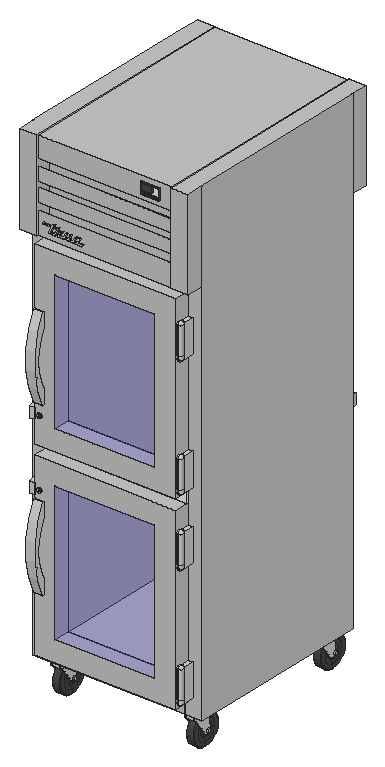
Revit family "QF_TRUE_STG1RPT-2HG-1S-HC", category Specialty Equipment, Revit 2012 (continued)
Automatic sketch dimensions
  Extrusion 6 sketch curve to Extrusion 6 sketch curve = 0.53374"
  Extrusion 6 sketch curve to Extrusion 6 sketch curve = 0.09914"  (x2)
  Extrusion 6 sketch curve to Extrusion 6 sketch curve = 0.15992"
  Extrusion 6 sketch curve to Extrusion 6 sketch curve = 0.46666"
  Extrusion 6 sketch curve to Extrusion 6 sketch curve = 0.00582"
  Extrusion 6 sketch curve to Extrusion 6 sketch curve = 0.08216"
  Extrusion 6 sketch curve to Extrusion 6 sketch curve = 0.16397"
  Extrusion 6 sketch curve to Extrusion 6 sketch curve = 0.12601"
  Extrusion 6 sketch curve to Extrusion 6 sketch curve = 0.1363"
  Extrusion 6 sketch curve to Extrusion 6 sketch curve = 0.02323"
  Extrusion 6 sketch curve to Extrusion 6 sketch curve = 0.03844"
  Extrusion 6 sketch curve to Extrusion 6 sketch curve = 0.0454"
  Extrusion 6 sketch curve to Extrusion 6 sketch curve = 0.05693"
  Extrusion 6 sketch curve to Extrusion 6 sketch curve = 0.0917"
  Extrusion 6 sketch curve to Extrusion 6 sketch curve = 0.01902"
  Extrusion 6 sketch curve to Extrusion 6 sketch curve = 0.02191"
  Extrusion 6 sketch curve to Extrusion 6 sketch curve = 0.0347"
  Extrusion 6 sketch curve to Extrusion 6 sketch curve = 0.06385"
  Extrusion 6 sketch curve to Extrusion 6 sketch curve = 0.02906"
  Extrusion 6 sketch curve to Extrusion 6 sketch curve = 0.02851"
  Extrusion 6 sketch curve to Extrusion 6 sketch curve = 0.29237"
  Extrusion 6 sketch curve to Extrusion 6 sketch curve = 0.00537"
  Extrusion 6 sketch curve to Extrusion 6 sketch curve = 0.0406"
  Extrusion 6 sketch curve to Extrusion 6 sketch curve = 0.04327"
  Extrusion 6 sketch curve to Extrusion 6 sketch curve = 0.02615"
  Extrusion 6 sketch curve to Extrusion 6 sketch curve = 0.11806"
  Extrusion 6 sketch curve to Extrusion 6 sketch curve = 0.15103"
  Extrusion 6 sketch curve to Extrusion 6 sketch curve = 0.10007"
  Extrusion 6 sketch curve to Extrusion 6 sketch curve = 0.5254"
  Extrusion 6 sketch curve to Extrusion 6 sketch curve = 0.14787"
  Extrusion 6 sketch curve to plane 5 "TOP" = 13.64562"
  Extrusion 6 sketch curve to Extrusion 6 sketch curve = 0.07275"
  Extrusion 6 sketch curve to Extrusion 6 sketch curve = 0.05776"
  Extrusion 6 sketch curve to Extrusion 6 sketch curve = 0.08631"
  Extrusion 6 sketch curve to Extrusion 6 sketch curve = 0.09282"
  Extrusion 6 sketch curve to Extrusion 6 sketch curve = 0.13018"
  Extrusion 6 sketch curve to Extrusion 6 sketch curve = 0.16714"
  Extrusion 6 sketch curve to Extrusion 6 sketch curve = 0.11061"
  Extrusion 6 sketch curve to Extrusion 6 sketch curve = 0.06046"
  Extrusion 6 sketch curve to Extrusion 6 sketch curve = 0.16548"
  Extrusion 6 sketch curve to Extrusion 6 sketch curve = 0.14279"
  Extrusion 6 sketch curve to Extrusion 6 sketch curve = 0.0496"
  Extrusion 6 sketch curve to Extrusion 6 sketch curve = 0.07293"
  Extrusion 6 sketch curve to Extrusion 6 sketch curve = 0.07764"
  Extrusion 6 sketch curve to Extrusion 6 sketch curve = 0.03794"
  Extrusion 6 sketch curve to Extrusion 6 sketch curve = 0.08552"
  Extrusion 6 sketch curve to Extrusion 6 sketch curve = 0.09296"
  Extrusion 6 sketch curve to Extrusion 6 sketch curve = 0.09314"
  Extrusion 6 sketch curve to Extrusion 6 sketch curve = 0.02781"
  Extrusion 6 sketch curve to Extrusion 6 sketch curve = 0.04981"
  Extrusion 6 sketch curve to Extrusion 6 sketch curve = 0.09315"
  Extrusion 6 sketch curve to Extrusion 6 sketch curve = 0.04799"
  Extrusion 6 sketch curve to Extrusion 6 sketch curve = 0.02531"
  Extrusion 6 sketch curve to Extrusion 6 sketch curve = 0.03054"
  Extrusion 6 sketch curve to Extrusion 6 sketch curve = 0.2589"
  Extrusion 6 sketch curve to Extrusion 6 sketch curve = 0.0674"
  Extrusion 6 sketch curve to Extrusion 6 sketch curve = 0.0324"
  Extrusion 6 sketch curve to Extrusion 6 sketch curve = 0.26185"
  Extrusion 6 sketch curve to Extrusion 6 sketch curve = 11/256"
  Extrusion 6 sketch curve to Extrusion 6 sketch curve = 0.07366"
  Extrusion 6 sketch curve to Extrusion 6 sketch curve = 0.02187"
  Extrusion 6 sketch curve to Extrusion 6 sketch curve = 0.06479"
  Extrusion 6 sketch curve to Extrusion 6 sketch curve = 0.01183"
  Extrusion 6 sketch curve to Extrusion 6 sketch curve = 0.05778"
  Extrusion 6 sketch curve to Extrusion 6 sketch curve = 0.53375"
  Extrusion 6 sketch curve to Extrusion 6 sketch curve = 0.23098"
  Extrusion 6 sketch curve to Extrusion 6 sketch curve = 0"
  Extrusion 6 sketch curve to Extrusion 6 sketch curve = 0.05045"
  Extrusion 6 sketch curve to Extrusion 6 sketch curve = 0.09139"
  Extrusion 6 sketch curve to Extrusion 6 sketch curve = 29/128"  (x3)
  Extrusion 7 sketch curve to plane 3 "RIGHT" = 3 1/4"
  Extrusion 7 sketch curve to plane 5 "TOP" = 2 1/8"
  Revolve 8 sketch curve to plane 3 "RIGHT" = 4.35148"
  Revolve 8 sketch curve to Revolve 8 sketch curve = 0.48273"
  Revolve 8 sketch curve to Revolve 8 sketch curve = 0.4"
  Revolve 8 sketch curve to Revolve 8 sketch curve = 0"  (x2)
  Revolve 8 sketch curve to Revolve 8 sketch curve = 0.1"  (x2)
  Revolve 8 sketch curve to Revolve 8 sketch curve = 0.16101"
  Revolve 8 sketch curve to Revolve 8 sketch curve = 0.75408"
  Revolve 8 sketch curve to Revolve 8 sketch curve = 0.92798"
  Revolve 8 sketch curve to Revolve 8 sketch curve = 0.06101"
  Revolve 8 sketch curve to Revolve 8 sketch curve = 1/2"
  Revolve 8 sketch curve to Revolve 8 sketch curve = 0.16509"
  Revolve 8 sketch curve to Revolve 8 sketch curve = 0.39592"
  level to Revolve 8 sketch curve = 2 1/2"
  Revolve 8 sketch curve to Revolve 8 sketch curve = 0.29941"  (x2)
  Revolve 8 sketch curve to Revolve 8 sketch curve = 3/4"  (x4)
  Revolve 8 sketch curve to Revolve 8 sketch curve = 0.59652"
  Revolve 8 sketch curve to Revolve 8 sketch curve = 0.60059"
  Extrusion 9 sketch curve to plane 6 = 0.63926"  (x2)
  Extrusion 9 sketch curve to plane 4 "FRONT" = 3.79864"
  Extrusion 9 sketch curve to Extrusion 9 sketch curve = 1/4"  (x2)
  level to Extrusion 9 sketch curve = 2.18736"  (x2)
  Extrusion 9 sketch curve to Extrusion 9 sketch curve = 1.7492"  (x2)
  Extrusion 9 sketch curve to Extrusion 9 sketch curve = 0.50669"  (x2)
  Extrusion 9 sketch curve to Extrusion 9 sketch curve = 2 1/2"  (x2)
  level to Extrusion 9 sketch curve = 2.59003"  (x2)
  Extrusion 9 sketch curve to Extrusion 9 sketch curve = 0.59966"  (x2)
  plane 8 to Extrusion 9 sketch curve = 6.82645"
  Extrusion 9 sketch curve to Extrusion 9 sketch curve = 0.60485"  (x2)
  Extrusion 10 sketch curve to plane 6 = 0.63926"  (x2)
  Extrusion 10 sketch curve to plane 4 "FRONT" = 3.79864"
  Extrusion 10 sketch curve to Extrusion 10 sketch curve = 1/4"  (x2)
  level to Extrusion 10 sketch curve = 2.18736"  (x2)
  Extrusion 10 sketch curve to Extrusion 10 sketch curve = 1.7492"  (x2)
  Extrusion 10 sketch curve to Extrusion 10 sketch curve = 0.50669"  (x2)
  Extrusion 10 sketch curve to Extrusion 10 sketch curve = 2 1/2"  (x2)
  level to Extrusion 10 sketch curve = 2.59003"  (x2)
  Extrusion 10 sketch curve to Extrusion 10 sketch curve = 0.59966"  (x2)
  plane 8 to Extrusion 10 sketch curve = 6.82645"
  Extrusion 10 sketch curve to Extrusion 10 sketch curve = 0.60485"  (x2)
  Revolve 11 sketch curve to plane 6 = 0.62954"
  Revolve 11 sketch curve to plane 3 "RIGHT" = 4.14082"
  Revolve 11 sketch curve to Revolve 11 sketch curve = 1.29707"
  Revolve 11 sketch curve to Revolve 11 sketch curve = 0"
  Revolve 11 sketch curve to Revolve 11 sketch curve = 0.10278"
  Revolve 11 sketch curve to plane 6 = 0.00141"
  plane 6 to Revolve 11 sketch curve = 0.26768"
  Revolve 12 sketch curve to level = 0"
  Revolve 12 sketch curve to plane 6 = 0"
  Revolve 12 sketch curve to plane 3 "RIGHT" = 4.17713"
  level to Revolve 12 sketch curve = 1"
  Revolve 12 sketch curve to plane 3 "RIGHT" = 3 19/32"
  Revolve 12 sketch curve to Revolve 12 sketch curve = 1/4"
  Revolve 12 sketch curve to Revolve 12 sketch curve = 1/2"
  Revolve 12 sketch curve to Revolve 12 sketch curve = 0"
  Revolve 12 sketch curve to Revolve 12 sketch curve = 5/8"
  plane 6 to Revolve 12 sketch curve = 1 25/32"
  Revolve 13 sketch curve to level = 0"
  Revolve 13 sketch curve to plane 6 = 0"
  Revolve 13 sketch curve to plane 3 "RIGHT" = 4.17713"
  level to Revolve 13 sketch curve = 1"
  Revolve 13 sketch curve to plane 3 "RIGHT" = 3 19/32"
  Revolve 13 sketch curve to Revolve 13 sketch curve = 1/4"
  Revolve 13 sketch curve to Revolve 13 sketch curve = 1/2"
  Revolve 13 sketch curve to Revolve 13 sketch curve = 0"
  Revolve 13 sketch curve to Revolve 13 sketch curve = 5/8"
  plane 6 to Revolve 13 sketch curve = 1 25/32"
  Revolve 14 sketch curve to plane 6 = 0.62954"
  Revolve 14 sketch curve to plane 3 "RIGHT" = 4.14082"
  Revolve 14 sketch curve to Revolve 14 sketch curve = 1.29707"
  Revolve 14 sketch curve to Revolve 14 sketch curve = 0"
  Revolve 14 sketch curve to Revolve 14 sketch curve = 0.10278"
  Revolve 14 sketch curve to plane 6 = 0.00141"
  plane 6 to Revolve 14 sketch curve = 0.26768"
  Extrusion 15 sketch curve to plane 6 = 0.63926"  (x2)
  Extrusion 15 sketch curve to plane 4 "FRONT" = 3.79864"
  Extrusion 15 sketch curve to Extrusion 15 sketch curve = 1/4"  (x2)
  Extrusion 15 sketch curve to Extrusion 15 sketch curve = 2 1/2"  (x2)
  Extrusion 15 sketch curve to plane 6 = 0.93273"  (x2)
  Extrusion 15 sketch curve to Extrusion 15 sketch curve = 0.03603"
  plane 8 to Extrusion 15 sketch curve = 6.82645"
  Extrusion 15 sketch curve to plane 6 = 1.24411"
  plane 2 "LEFT" to Revolve 16 sketch curve = 1.33602"
  Revolve 16 sketch curve to Revolve 16 sketch curve = 0.48273"
  Revolve 16 sketch curve to Revolve 16 sketch curve = 0.4"
  Revolve 16 sketch curve to Revolve 16 sketch curve = 0"  (x2)
  Revolve 16 sketch curve to Revolve 16 sketch curve = 0.1"  (x2)
  Revolve 16 sketch curve to Revolve 16 sketch curve = 0.16101"
  Revolve 16 sketch curve to Revolve 16 sketch curve = 0.75408"
  Revolve 16 sketch curve to Revolve 16 sketch curve = 0.92798"
  Revolve 16 sketch curve to Revolve 16 sketch curve = 0.06101"
  Revolve 16 sketch curve to Revolve 16 sketch curve = 1/2"
  Revolve 16 sketch curve to Revolve 16 sketch curve = 0.16509"
  Revolve 16 sketch curve to Revolve 16 sketch curve = 0.39592"
  level to Revolve 16 sketch curve = 2 1/2"
  Revolve 16 sketch curve to Revolve 16 sketch curve = 0.29941"  (x2)
  Revolve 16 sketch curve to Revolve 16 sketch curve = 3/4"  (x4)
  Revolve 16 sketch curve to Revolve 16 sketch curve = 0.59652"
  Revolve 16 sketch curve to Revolve 16 sketch curve = 0.60059"
  Extrusion 17 sketch curve to plane 6 = 0.63926"  (x2)
  Extrusion 17 sketch curve to plane 4 "FRONT" = 3.79864"
  Extrusion 17 sketch curve to Extrusion 17 sketch curve = 1/4"  (x2)
  level to Extrusion 17 sketch curve = 2.18736"  (x2)
  Extrusion 17 sketch curve to Extrusion 17 sketch curve = 1.7492"  (x2)
  Extrusion 17 sketch curve to Extrusion 17 sketch curve = 0.50669"  (x2)
  Extrusion 17 sketch curve to Extrusion 17 sketch curve = 2 1/2"  (x2)
  level to Extrusion 17 sketch curve = 2.59003"  (x2)
  Extrusion 17 sketch curve to Extrusion 17 sketch curve = 0.59966"  (x2)
  plane 8 to Extrusion 17 sketch curve = 6.82645"
  Extrusion 17 sketch curve to Extrusion 17 sketch curve = 0.60485"  (x2)
  Extrusion 18 sketch curve to plane 6 = 0.63926"  (x2)
  Extrusion 18 sketch curve to plane 4 "FRONT" = 3.79864"
  Extrusion 18 sketch curve to Extrusion 18 sketch curve = 1/4"  (x2)
  level to Extrusion 18 sketch curve = 2.18736"  (x2)
  Extrusion 18 sketch curve to Extrusion 18 sketch curve = 1.7492"  (x2)
  Extrusion 18 sketch curve to Extrusion 18 sketch curve = 0.50669"  (x2)
  Extrusion 18 sketch curve to Extrusion 18 sketch curve = 2 1/2"  (x2)
  level to Extrusion 18 sketch curve = 2.59003"  (x2)
  Extrusion 18 sketch curve to Extrusion 18 sketch curve = 0.59966"  (x2)
  plane 8 to Extrusion 18 sketch curve = 6.82645"
  Extrusion 18 sketch curve to Extrusion 18 sketch curve = 0.60485"  (x2)
  Revolve 19 sketch curve to plane 6 = 0.62954"
  plane 2 "LEFT" to Revolve 19 sketch curve = 1.54668"
  Revolve 19 sketch curve to Revolve 19 sketch curve = 1.29707"
  Revolve 19 sketch curve to Revolve 19 sketch curve = 0"
  Revolve 19 sketch curve to Revolve 19 sketch curve = 0.10278"
  Revolve 19 sketch curve to plane 6 = 0.00141"
  plane 6 to Revolve 19 sketch curve = 0.26768"
  Revolve 20 sketch curve to level = 0"
  Revolve 20 sketch curve to plane 6 = 0"
  plane 2 "LEFT" to Revolve 20 sketch curve = 1.51037"
  level to Revolve 20 sketch curve = 1"
  plane 2 "LEFT" to Revolve 20 sketch curve = 2 3/32"
  Revolve 20 sketch curve to Revolve 20 sketch curve = 1/4"
  Revolve 20 sketch curve to Revolve 20 sketch curve = 1/2"
  Revolve 20 sketch curve to Revolve 20 sketch curve = 0"
  Revolve 20 sketch curve to Revolve 20 sketch curve = 5/8"
  plane 6 to Revolve 20 sketch curve = 1 25/32"
  Revolve 21 sketch curve to level = 0"
  Revolve 21 sketch curve to plane 6 = 0"
  plane 2 "LEFT" to Revolve 21 sketch curve = 1.51037"
  level to Revolve 21 sketch curve = 1"
  plane 2 "LEFT" to Revolve 21 sketch curve = 2 3/32"
  Revolve 21 sketch curve to Revolve 21 sketch curve = 1/4"
  Revolve 21 sketch curve to Revolve 21 sketch curve = 1/2"
  Revolve 21 sketch curve to Revolve 21 sketch curve = 0"
  Revolve 21 sketch curve to Revolve 21 sketch curve = 5/8"
  plane 6 to Revolve 21 sketch curve = 1 25/32"
  Revolve 22 sketch curve to plane 6 = 0.62954"
  plane 2 "LEFT" to Revolve 22 sketch curve = 1.54668"
  Revolve 22 sketch curve to Revolve 22 sketch curve = 1.29707"
  Revolve 22 sketch curve to Revolve 22 sketch curve = 0"
  Revolve 22 sketch curve to Revolve 22 sketch curve = 0.10278"
  Revolve 22 sketch curve to plane 6 = 0.00141"
  plane 6 to Revolve 22 sketch curve = 0.26768"
  Extrusion 23 sketch curve to plane 6 = 0.63926"  (x2)
  Extrusion 23 sketch curve to plane 4 "FRONT" = 3.79864"
  Extrusion 23 sketch curve to Extrusion 23 sketch curve = 1/4"  (x2)
  Extrusion 23 sketch curve to Extrusion 23 sketch curve = 2 1/2"  (x2)
  Extrusion 23 sketch curve to plane 6 = 0.93273"  (x2)
  Extrusion 23 sketch curve to Extrusion 23 sketch curve = 0.03603"
  plane 8 to Extrusion 23 sketch curve = 6.82645"
  Extrusion 23 sketch curve to plane 6 = 1.24411"
  plane 2 "LEFT" to Extrusion 24 sketch curve = 2 9/32"
  Extrusion 24 sketch curve to plane 3 "RIGHT" = 2 9/32"
  Extrusion 24 sketch curve to plane 5 "TOP" = 16 5/32"
  plane 6 to Extrusion 24 sketch curve = 1 29/32"
  plane 8 to Extrusion 25 sketch curve = 0"
  Extrusion 25 sketch curve to plane 3 "RIGHT" = 2 55/64"
  Extrusion 25 sketch curve to plane 3 "RIGHT" = 3/64"
  Extrusion 25 sketch curve to Extrusion 25 sketch curve = 2 3/4"
  plane 8 to Extrusion 26 sketch curve = 0"
  plane 2 "LEFT" to Extrusion 26 sketch curve = 3/64"
  Extrusion 26 sketch curve to Extrusion 26 sketch curve = 2 13/16"
  Extrusion 26 sketch curve to Extrusion 26 sketch curve = 3.0792"
  plane 8 to Extrusion 27 sketch curve = 0.60979"
  Extrusion 27 sketch curve to Extrusion 27 sketch curve = 0.43503"
  Extrusion 27 sketch curve to Extrusion 27 sketch curve = 0.20453"
  Extrusion 27 sketch curve to Extrusion 27 sketch curve = 1.50065"
  Extrusion 27 sketch curve to plane 5 "TOP" = 19.57271"
  Extrusion 27 sketch curve to Extrusion 27 sketch curve = 4.39928"
  Extrusion 27 sketch curve to Extrusion 27 sketch curve = 0.71221"
  plane 8 to Revolve 28 sketch curve = 3/16"  (x2)
  Revolve 28 sketch curve to Revolve 28 sketch curve = 0.38242"
  Revolve 28 sketch curve to Revolve 28 sketch curve = 0.38436"
  plane 8 to Revolve 28 sketch curve = 0.59416"
  Revolve 28 sketch curve to Revolve 28 sketch curve = 0.40666"
  Revolve 28 sketch curve to Revolve 28 sketch curve = 0"
  Revolve 28 sketch curve to plane 5 "TOP" = 18.75492"
  Revolve 28 sketch curve to Revolve 28 sketch curve = 0.55526"
  Revolve 28 sketch curve to Revolve 28 sketch curve = 0.19474"
  Revolve 28 sketch curve to Revolve 28 sketch curve = 0.14649"
  Revolve 28 sketch curve to Revolve 28 sketch curve = 4.42889"
  Revolve 28 sketch curve to Revolve 28 sketch curve = 0.05342"
  Revolve 28 sketch curve to Revolve 28 sketch curve = 0.51246"
  Revolve 28 sketch curve to Revolve 28 sketch curve = 0.05889"
  plane 2 "LEFT" to Extrusion 29 sketch curve = 1.88366"
  Extrusion 29 sketch curve to Extrusion 29 sketch curve = 0.39759"
  Extrusion 29 sketch curve to plane 5 "TOP" = 19.6514"
  Extrusion 29 sketch curve to Extrusion 29 sketch curve = 4.47281"
  plane 8 to Extrusion 30 sketch curve = 0.60979"
  Extrusion 30 sketch curve to Extrusion 30 sketch curve = 0.43503"
  Extrusion 30 sketch curve to Extrusion 30 sketch curve = 0.20453"
  Extrusion 30 sketch curve to Extrusion 30 sketch curve = 1.50065"
  plane 6 to Extrusion 30 sketch curve = 38.92729"
  Extrusion 30 sketch curve to Extrusion 30 sketch curve = 4.39928"
  Extrusion 30 sketch curve to Extrusion 30 sketch curve = 0.71221"
  plane 8 to Revolve 31 sketch curve = 3/16"  (x2)
  Revolve 31 sketch curve to Revolve 31 sketch curve = 0.38242"
  Revolve 31 sketch curve to Revolve 31 sketch curve = 0.38436"
  plane 8 to Revolve 31 sketch curve = 0.59416"
  Revolve 31 sketch curve to Revolve 31 sketch curve = 0.40666"
  Revolve 31 sketch curve to Revolve 31 sketch curve = 0"
  Revolve 31 sketch curve to plane 5 "TOP" = 38.25492"
  Revolve 31 sketch curve to Revolve 31 sketch curve = 0.55526"
  Revolve 31 sketch curve to Revolve 31 sketch curve = 0.19474"
  Revolve 31 sketch curve to Revolve 31 sketch curve = 0.14649"
  Revolve 31 sketch curve to Revolve 31 sketch curve = 4.42889"
  Revolve 31 sketch curve to Revolve 31 sketch curve = 0.05342"
  Revolve 31 sketch curve to Revolve 31 sketch curve = 0.51246"
  Revolve 31 sketch curve to Revolve 31 sketch curve = 0.05889"
  plane 2 "LEFT" to Extrusion 32 sketch curve = 1.88366"
  Extrusion 32 sketch curve to Extrusion 32 sketch curve = 0.39759"
  plane 6 to Extrusion 32 sketch curve = 38.8486"
  Extrusion 32 sketch curve to Extrusion 32 sketch curve = 4.4717"
  plane 8 to Extrusion 33 sketch curve = 0.60979"
  Extrusion 33 sketch curve to Extrusion 33 sketch curve = 0.43503"
  Extrusion 33 sketch curve to Extrusion 33 sketch curve = 0.20453"
  Extrusion 33 sketch curve to Extrusion 33 sketch curve = 1.50065"
  plane 6 to Extrusion 33 sketch curve = 27.92729"
  Extrusion 33 sketch curve to Extrusion 33 sketch curve = 4.39928"
  Extrusion 33 sketch curve to Extrusion 33 sketch curve = 0.71221"
  plane 8 to Revolve 34 sketch curve = 3/16"  (x2)
  Revolve 34 sketch curve to Revolve 34 sketch curve = 0.38242"
  Revolve 34 sketch curve to Revolve 34 sketch curve = 0.38436"
  plane 8 to Revolve 34 sketch curve = 0.59416"
  Revolve 34 sketch curve to Revolve 34 sketch curve = 0.40666"
  Revolve 34 sketch curve to Revolve 34 sketch curve = 0"
  plane 6 to Revolve 34 sketch curve = 28.74508"
  Revolve 34 sketch curve to Revolve 34 sketch curve = 0.55526"
  Revolve 34 sketch curve to Revolve 34 sketch curve = 0.19474"
  Revolve 34 sketch curve to Revolve 34 sketch curve = 0.14649"
  Revolve 34 sketch curve to Revolve 34 sketch curve = 4.42889"
  Revolve 34 sketch curve to Revolve 34 sketch curve = 0.05342"
  Revolve 34 sketch curve to Revolve 34 sketch curve = 0.51246"
  Revolve 34 sketch curve to Revolve 34 sketch curve = 0.05889"
  plane 2 "LEFT" to Extrusion 35 sketch curve = 1.88366"
  Extrusion 35 sketch curve to Extrusion 35 sketch curve = 0.39759"
  plane 6 to Extrusion 35 sketch curve = 27.8486"
  Extrusion 35 sketch curve to Extrusion 35 sketch curve = 4.47281"
  plane 8 to Extrusion 36 sketch curve = 0.60979"
  Extrusion 36 sketch curve to Extrusion 36 sketch curve = 0.43503"
  Extrusion 36 sketch curve to Extrusion 36 sketch curve = 0.20453"
  Extrusion 36 sketch curve to Extrusion 36 sketch curve = 1.50065"
  plane 6 to Extrusion 36 sketch curve = 8.17729"
  plane 6 to Extrusion 36 sketch curve = 3.57348"
  Extrusion 36 sketch curve to Extrusion 36 sketch curve = 0.75105"
  plane 8 to Revolve 37 sketch curve = 3/16"  (x2)
  Revolve 37 sketch curve to Revolve 37 sketch curve = 0.38242"
  Revolve 37 sketch curve to Revolve 37 sketch curve = 0.38436"
  plane 8 to Revolve 37 sketch curve = 0.59416"
  Revolve 37 sketch curve to Revolve 37 sketch curve = 0.40666"
  Revolve 37 sketch curve to Revolve 37 sketch curve = 0"
  plane 6 to Revolve 37 sketch curve = 8.99508"
  Revolve 37 sketch curve to Revolve 37 sketch curve = 0.55526"
  Revolve 37 sketch curve to Revolve 37 sketch curve = 0.19474"
  Revolve 37 sketch curve to Revolve 37 sketch curve = 0.14649"
  plane 6 to Revolve 37 sketch curve = 3.62689"
  Revolve 37 sketch curve to Revolve 37 sketch curve = 0.05342"
  Revolve 37 sketch curve to Revolve 37 sketch curve = 0.51246"
  Revolve 37 sketch curve to Revolve 37 sketch curve = 0.05889"
  plane 2 "LEFT" to Extrusion 38 sketch curve = 1.88366"
  Extrusion 38 sketch curve to Extrusion 38 sketch curve = 0.39759"
  plane 6 to Extrusion 38 sketch curve = 8.0986"
  plane 6 to Extrusion 38 sketch curve = 3.62579"
  Extrusion 39 sketch curve to plane 3 "RIGHT" = 3.0734"
  Extrusion 39 sketch curve to Extrusion 39 sketch curve = 0.02035"
  Extrusion 39 sketch curve to Extrusion 39 sketch curve = 0.0555"
  plane 6 to Extrusion 39 sketch curve = 31.58145"
  Extrusion 39 sketch curve to Extrusion 39 sketch curve = 0.29355"
  Extrusion 39 sketch curve to Extrusion 39 sketch curve = 0.27385"
  Blend 40 sketch curve to plane 3 "RIGHT" = 2 9/32"  (x2)
  Blend 40 sketch curve to Blend 40 sketch curve = 3/4"
  plane 6 to Blend 40 sketch curve = 32.80419"
  Blend 40 sketch curve to Blend 40 sketch curve = 1 3/4"
  Blend 40 sketch curve to Blend 40 sketch curve = 0.93223"
  plane 6 to Blend 40 sketch curve = 33.23893"
  Blend 40 sketch curve to Blend 40 sketch curve = 2.78233"
  plane 2 "LEFT" to Extrusion 41 sketch curve = 2 9/32"  (x2)
  Extrusion 41 sketch curve to Extrusion 41 sketch curve = 3 11/32"  (x6)
  Extrusion 41 sketch curve to plane 3 "RIGHT" = 5 5/8"  (x2)
  Extrusion 41 sketch curve to plane 3 "RIGHT" = 2 9/32"  (x2)
  plane 6 to Extrusion 41 sketch curve = 1 29/32"
  Extrusion 41 sketch curve to Extrusion 41 sketch curve = 22 7/16"
  Extrusion 41 sketch curve to Extrusion 41 sketch curve = 1 11/16"
  Extrusion 41 sketch curve to plane 5 "TOP" = 19 1/2"
  plane 4 "FRONT" to Extrusion 42 sketch curve = 0.0247"  (x2)
  Extrusion 42 sketch curve to plane 4 "FRONT" = 3/16"  (x2)
  Extrusion 42 sketch curve to plane 4 "FRONT" = 6.88686"
  Extrusion 42 sketch curve to Extrusion 42 sketch curve = 6.44313"
  plane 6 to Extrusion 42 sketch curve = 38 15/16"
  Extrusion 42 sketch curve to Extrusion 42 sketch curve = 2.37851"
  Extrusion 42 sketch curve to Extrusion 42 sketch curve = 4.42149"
  Extrusion 42 sketch curve to Extrusion 42 sketch curve = 0"
  plane 2 "LEFT" to Extrusion 43 sketch curve = 3.0734"
  Extrusion 43 sketch curve to Extrusion 43 sketch curve = 0.02035"
  Extrusion 43 sketch curve to Extrusion 43 sketch curve = 0.0555"
  plane 6 to Extrusion 43 sketch curve = 36.8002"
  Extrusion 43 sketch curve to Extrusion 43 sketch curve = 0.29355"
  Extrusion 43 sketch curve to Extrusion 43 sketch curve = 0.27385"
  plane 2 "LEFT" to Blend 44 sketch curve = 2 9/32"
  Blend 44 sketch curve to Blend 44 sketch curve = 3/4"
  plane 6 to Blend 44 sketch curve = 38.02294"
  Blend 44 sketch curve to Blend 44 sketch curve = 1 3/4"
  Blend 44 sketch curve to plane 2 "LEFT" = 2 9/32"
  Blend 44 sketch curve to Blend 44 sketch curve = 0.93223"
  Blend 44 sketch curve to plane 6 = 35.67535"
  Blend 44 sketch curve to Blend 44 sketch curve = 2.78233"
  Extrusion 45 sketch curve to plane 4 "FRONT" = 0.60979"
  Extrusion 45 sketch curve to Extrusion 45 sketch curve = 0.43503"
  Extrusion 45 sketch curve to Extrusion 45 sketch curve = 0.20453"
  Extrusion 45 sketch curve to Extrusion 45 sketch curve = 1.50065"
  Extrusion 45 sketch curve to plane 5 "TOP" = 19.66646"
  Extrusion 45 sketch curve to Extrusion 45 sketch curve = 4.39928"
  Extrusion 45 sketch curve to Extrusion 45 sketch curve = 0.71221"
  Revolve 46 sketch curve to plane 4 "FRONT" = 3/16"  (x2)
  Revolve 46 sketch curve to Revolve 46 sketch curve = 0.38242"
  Revolve 46 sketch curve to Revolve 46 sketch curve = 0.38436"
  Revolve 46 sketch curve to plane 4 "FRONT" = 0.59416"
  Revolve 46 sketch curve to Revolve 46 sketch curve = 0.40666"
  Revolve 46 sketch curve to Revolve 46 sketch curve = 0"
  Revolve 46 sketch curve to plane 5 "TOP" = 18.84867"
  Revolve 46 sketch curve to Revolve 46 sketch curve = 0.55526"
  Revolve 46 sketch curve to Revolve 46 sketch curve = 0.19474"
  Revolve 46 sketch curve to Revolve 46 sketch curve = 0.14649"
  Revolve 46 sketch curve to Revolve 46 sketch curve = 4.42889"
  Revolve 46 sketch curve to Revolve 46 sketch curve = 0.05342"
  Revolve 46 sketch curve to Revolve 46 sketch curve = 0.51246"
  Revolve 46 sketch curve to Revolve 46 sketch curve = 0.05889"
  Extrusion 47 sketch curve to plane 3 "RIGHT" = 1.88366"
  Extrusion 47 sketch curve to Extrusion 47 sketch curve = 0.39759"
  Extrusion 47 sketch curve to plane 5 "TOP" = 19.74515"
  Extrusion 47 sketch curve to Extrusion 47 sketch curve = 4.47281"
  Extrusion 48 sketch curve to plane 4 "FRONT" = 0.60979"
  Extrusion 48 sketch curve to Extrusion 48 sketch curve = 0.43503"
  Extrusion 48 sketch curve to Extrusion 48 sketch curve = 0.20453"
  Extrusion 48 sketch curve to Extrusion 48 sketch curve = 1.50065"
  plane 6 to Extrusion 48 sketch curve = 38.83354"
  Extrusion 48 sketch curve to Extrusion 48 sketch curve = 4.39928"
  Extrusion 48 sketch curve to Extrusion 48 sketch curve = 0.71221"
  Revolve 49 sketch curve to plane 4 "FRONT" = 3/16"  (x2)
  Revolve 49 sketch curve to Revolve 49 sketch curve = 0.38242"
  Revolve 49 sketch curve to Revolve 49 sketch curve = 0.38436"
  Revolve 49 sketch curve to plane 4 "FRONT" = 0.59416"
  Revolve 49 sketch curve to Revolve 49 sketch curve = 0.40666"
  Revolve 49 sketch curve to Revolve 49 sketch curve = 0"
  Revolve 49 sketch curve to plane 5 "TOP" = 38.34867"
  Revolve 49 sketch curve to Revolve 49 sketch curve = 0.55526"
  Revolve 49 sketch curve to Revolve 49 sketch curve = 0.19474"
  Revolve 49 sketch curve to Revolve 49 sketch curve = 0.14649"
  Revolve 49 sketch curve to Revolve 49 sketch curve = 4.42889"
  Revolve 49 sketch curve to Revolve 49 sketch curve = 0.05342"
  Revolve 49 sketch curve to Revolve 49 sketch curve = 0.51246"
  Revolve 49 sketch curve to Revolve 49 sketch curve = 0.05889"
  Extrusion 50 sketch curve to plane 3 "RIGHT" = 1.88366"
  Extrusion 50 sketch curve to Extrusion 50 sketch curve = 0.39759"
  plane 6 to Extrusion 50 sketch curve = 38.75485"
  Extrusion 50 sketch curve to Extrusion 50 sketch curve = 4.47281"
  Extrusion 51 sketch curve to plane 4 "FRONT" = 0.60979"
  Extrusion 51 sketch curve to Extrusion 51 sketch curve = 0.43503"
  Extrusion 51 sketch curve to Extrusion 51 sketch curve = 0.20453"
  Extrusion 51 sketch curve to Extrusion 51 sketch curve = 1.50065"
  plane 6 to Extrusion 51 sketch curve = 27.83354"
  Extrusion 51 sketch curve to Extrusion 51 sketch curve = 4.39928"
  Extrusion 51 sketch curve to Extrusion 51 sketch curve = 0.71221"
  Revolve 52 sketch curve to plane 4 "FRONT" = 3/16"  (x2)
  Revolve 52 sketch curve to Revolve 52 sketch curve = 0.38242"
  Revolve 52 sketch curve to Revolve 52 sketch curve = 0.38436"
  Revolve 52 sketch curve to plane 4 "FRONT" = 0.59416"
  Revolve 52 sketch curve to Revolve 52 sketch curve = 0.40666"
  Revolve 52 sketch curve to Revolve 52 sketch curve = 0"
  plane 6 to Revolve 52 sketch curve = 28.65133"
  Revolve 52 sketch curve to Revolve 52 sketch curve = 0.55526"
  Revolve 52 sketch curve to Revolve 52 sketch curve = 0.19474"
  Revolve 52 sketch curve to Revolve 52 sketch curve = 0.14649"
  Revolve 52 sketch curve to Revolve 52 sketch curve = 4.42889"
  Revolve 52 sketch curve to Revolve 52 sketch curve = 0.05342"
  Revolve 52 sketch curve to Revolve 52 sketch curve = 0.51246"
  Revolve 52 sketch curve to Revolve 52 sketch curve = 0.05889"
  Extrusion 53 sketch curve to plane 3 "RIGHT" = 1.88366"
  Extrusion 53 sketch curve to Extrusion 53 sketch curve = 0.39759"
  plane 6 to Extrusion 53 sketch curve = 27.75485"
  Extrusion 53 sketch curve to Extrusion 53 sketch curve = 4.47281"
  Extrusion 54 sketch curve to plane 4 "FRONT" = 0.60979"
  Extrusion 54 sketch curve to Extrusion 54 sketch curve = 0.43503"
  Extrusion 54 sketch curve to Extrusion 54 sketch curve = 0.20453"
  Extrusion 54 sketch curve to Extrusion 54 sketch curve = 1.50065"
  plane 6 to Extrusion 54 sketch curve = 8.08354"
  plane 6 to Extrusion 54 sketch curve = 3.47973"
  Extrusion 54 sketch curve to Extrusion 54 sketch curve = 0.6573"
  Revolve 55 sketch curve to plane 4 "FRONT" = 3/16"  (x2)
  Revolve 55 sketch curve to Revolve 55 sketch curve = 0.38242"
  Revolve 55 sketch curve to Revolve 55 sketch curve = 0.38436"
  Revolve 55 sketch curve to plane 4 "FRONT" = 0.59416"
  Revolve 55 sketch curve to Revolve 55 sketch curve = 0.40666"
  Revolve 55 sketch curve to Revolve 55 sketch curve = 0"
  plane 6 to Revolve 55 sketch curve = 8.90133"
  Revolve 55 sketch curve to Revolve 55 sketch curve = 0.55526"
  Revolve 55 sketch curve to Revolve 55 sketch curve = 0.19474"
  Revolve 55 sketch curve to Revolve 55 sketch curve = 0.14649"
  plane 6 to Revolve 55 sketch curve = 3.53314"
  Revolve 55 sketch curve to Revolve 55 sketch curve = 0.05342"
  Revolve 55 sketch curve to Revolve 55 sketch curve = 0.51246"
  Revolve 55 sketch curve to Revolve 55 sketch curve = 0.05889"
  Extrusion 56 sketch curve to plane 3 "RIGHT" = 1.88366"
  Extrusion 56 sketch curve to Extrusion 56 sketch curve = 0.39759"
  plane 6 to Extrusion 56 sketch curve = 8.00485"
  plane 6 to Extrusion 56 sketch curve = 3.53204"
  plane 2 "LEFT" to Extrusion 57 sketch curve = 3.04215"
  Extrusion 57 sketch curve to Extrusion 57 sketch curve = 0.02035"
  Extrusion 57 sketch curve to Extrusion 57 sketch curve = 0.0555"
  plane 6 to Extrusion 57 sketch curve = 25.91365"
  Extrusion 57 sketch curve to Extrusion 57 sketch curve = 0.27385"
  Extrusion 57 sketch curve to Extrusion 57 sketch curve = 0.29355"
  plane 2 "LEFT" to Blend 58 sketch curve = 2 9/32"  (x2)
  Blend 58 sketch curve to Blend 58 sketch curve = 3/4"
  plane 6 to Blend 58 sketch curve = 27.00831"
  Blend 58 sketch curve to Blend 58 sketch curve = 1 3/4"
  Blend 58 sketch curve to Blend 58 sketch curve = 0.93223"
  plane 6 to Blend 58 sketch curve = 27.6059"
  Blend 58 sketch curve to Blend 58 sketch curve = 2.78233"
  plane 2 "LEFT" to Extrusion 59 sketch curve = 2 9/32"
  Extrusion 59 sketch curve to plane 3 "RIGHT" = 2 9/32"
  plane 6 to Extrusion 59 sketch curve = 31 1/32"
  Extrusion 59 sketch curve to Extrusion 59 sketch curve = 1 11/16"
  plane 2 "LEFT" to Extrusion 60 sketch curve = 5 5/8"  (x2)
  Extrusion 60 sketch curve to plane 3 "RIGHT" = 5 5/8"  (x2)
  plane 6 to Extrusion 60 sketch curve = 5 1/4"
  Extrusion 60 sketch curve to Extrusion 60 sketch curve = 22 7/16"
  Extrusion 60 sketch curve to Extrusion 60 sketch curve = 8 3/8"
  Extrusion 60 sketch curve to plane 5 "TOP" = 19 1/2"
  Extrusion 61 sketch curve to plane 5 "TOP" = 2.55982"
  Extrusion 61 sketch curve to plane 3 "RIGHT" = 7.75585"
  Extrusion 61 sketch curve to Extrusion 61 sketch curve = 2 29/32"
  Extrusion 61 sketch curve to plane 5 "TOP" = 13/16"
  Extrusion 62 sketch curve to plane 5 "TOP" = 3/4"
  Extrusion 62 sketch curve to plane 3 "RIGHT" = 7.81835"
  Extrusion 62 sketch curve to Extrusion 62 sketch curve = 1/16"  (x4)
  Extrusion 62 sketch curve to Extrusion 62 sketch curve = 0.1375"  (x2)
  Extrusion 62 sketch curve to Extrusion 62 sketch curve = 1/4"  (x4)
  Extrusion 62 sketch curve to Extrusion 62 sketch curve = 0.44601"
  Extrusion 62 sketch curve to Extrusion 62 sketch curve = 1/2"  (x2)
  Extrusion 62 sketch curve to Extrusion 62 sketch curve = 0.0035"
  Extrusion 62 sketch curve to Extrusion 62 sketch curve = 1.06923"
  Extrusion 62 sketch curve to plane 5 "TOP" = 0.95"
  Extrusion 62 sketch curve to Extrusion 62 sketch curve = 1"
  Extrusion 62 sketch curve to Extrusion 62 sketch curve = 0.34106"  (x3)
  Extrusion 62 sketch curve to Extrusion 62 sketch curve = 0"
  Extrusion 62 sketch curve to Extrusion 62 sketch curve = 0.26876"
  Revolve 63 sketch curve to plane 3 "RIGHT" = 4.35148"
  Revolve 63 sketch curve to Revolve 63 sketch curve = 0.48273"
  Revolve 63 sketch curve to Revolve 63 sketch curve = 0.4"
  Revolve 63 sketch curve to Revolve 63 sketch curve = 0"  (x2)
  Revolve 63 sketch curve to Revolve 63 sketch curve = 0.1"  (x2)
  Revolve 63 sketch curve to Revolve 63 sketch curve = 0.16101"
  Revolve 63 sketch curve to Revolve 63 sketch curve = 0.75408"
  Revolve 63 sketch curve to Revolve 63 sketch curve = 0.92798"
  Revolve 63 sketch curve to Revolve 63 sketch curve = 0.06101"
  Revolve 63 sketch curve to Revolve 63 sketch curve = 1/2"
  Revolve 63 sketch curve to Revolve 63 sketch curve = 0.16509"
  Revolve 63 sketch curve to Revolve 63 sketch curve = 0.39592"
  level to Revolve 63 sketch curve = 2 1/2"
  Revolve 63 sketch curve to Revolve 63 sketch curve = 0.29941"  (x2)
  Revolve 63 sketch curve to Revolve 63 sketch curve = 3/4"  (x4)
  Revolve 63 sketch curve to Revolve 63 sketch curve = 0.59652"
  Revolve 63 sketch curve to Revolve 63 sketch curve = 0.60059"
  plane 2 "LEFT" to Revolve 64 sketch curve = 1.33602"
  Revolve 64 sketch curve to Revolve 64 sketch curve = 0.48273"
  Revolve 64 sketch curve to Revolve 64 sketch curve = 0.4"
  Revolve 64 sketch curve to Revolve 64 sketch curve = 0"  (x2)
  Revolve 64 sketch curve to Revolve 64 sketch curve = 0.1"  (x2)
  Revolve 64 sketch curve to Revolve 64 sketch curve = 0.16101"
  Revolve 64 sketch curve to Revolve 64 sketch curve = 0.75408"
  Revolve 64 sketch curve to Revolve 64 sketch curve = 0.92798"
  Revolve 64 sketch curve to Revolve 64 sketch curve = 0.06101"
  Revolve 64 sketch curve to Revolve 64 sketch curve = 1/2"
  Revolve 64 sketch curve to Revolve 64 sketch curve = 0.16509"
  Revolve 64 sketch curve to Revolve 64 sketch curve = 0.39592"
  level to Revolve 64 sketch curve = 2 1/2"
  Revolve 64 sketch curve to Revolve 64 sketch curve = 0.29941"  (x2)
  Revolve 64 sketch curve to Revolve 64 sketch curve = 3/4"  (x4)
  Revolve 64 sketch curve to Revolve 64 sketch curve = 0.59652"
  Revolve 64 sketch curve to Revolve 64 sketch curve = 0.60059"
  Extrusion 66 sketch curve to plane 4 "FRONT" = 3/16"
  plane 2 "LEFT" to Extrusion 66 sketch curve = 2 9/32"
  Extrusion 66 sketch curve to plane 4 "FRONT" = 0.02035"
  Extrusion 66 sketch curve to plane 3 "RIGHT" = 2.35535"
  Extrusion 66 sketch curve to plane 3 "RIGHT" = 2.28132"
  plane 2 "LEFT" to Extrusion 68 sketch curve = 2 27/32"
  Extrusion 68 sketch curve to plane 4 "FRONT" = 5 3/16"
  plane 2 "LEFT" to Extrusion 69 sketch curve = 2 27/32"
  plane 8 to Extrusion 69 sketch curve = 5.06602"
  Extrusion 70 sketch curve to plane 3 "RIGHT" = 2 27/32"
  plane 8 to Extrusion 70 sketch curve = 5.06602"
  Extrusion 71 sketch curve to plane 3 "RIGHT" = 2 27/32"
  Extrusion 71 sketch curve to plane 4 "FRONT" = 5 3/16"
  plane 4 "FRONT" to Extrusion 72 sketch curve = 0.0247"  (x2)
  Extrusion 72 sketch curve to plane 4 "FRONT" = 3/16"  (x2)
  Extrusion 72 sketch curve to plane 4 "FRONT" = 6.88686"
  Extrusion 72 sketch curve to Extrusion 72 sketch curve = 6.44313"
  plane 6 to Extrusion 72 sketch curve = 11.2125"
  Extrusion 72 sketch curve to Extrusion 72 sketch curve = 2.37851"
  Extrusion 72 sketch curve to Extrusion 72 sketch curve = 4.42149"
  Extrusion 72 sketch curve to Extrusion 72 sketch curve = 0"
  plane 4 "FRONT" to curve 29 = 3/16"
  curve 25 to curve 29 = 6.49049"
  curve 32 to curve 19 = 2.6399"
  curve 34 to curve 14 = 1.01112"
  curve 34 to curve 39 = 1.40892"
  curve 40 to plane 8 = 0.02513"
  curve 10 to curve 40 = 3 3/4"
  curve 41 to plane 3 "RIGHT" = 11 1/2"
  curve 41 to curve 15 = 7.80625"
  curve 40 to curve 42 = 2.71591"
  curve 42 to curve 15 = 6.32156"
  curve 42 to curve 15 = 1.17146"
  plane 8 to Extrusion 73 sketch curve = 0.18638"  (x2)
  Extrusion 73 sketch curve to plane 3 "RIGHT" = 4 1/4"
  Extrusion 73 sketch curve to Extrusion 73 sketch curve = 2.37735"  (x2)
  Extrusion 73 sketch curve to Extrusion 73 sketch curve = 4.87265"
  Extrusion 73 sketch curve to Extrusion 73 sketch curve = 0"
  Extrusion 73 sketch curve to plane 8 = 0.02513"
  plane 8 to Extrusion 73 sketch curve = 8.63693"
  Extrusion 73 sketch curve to Extrusion 73 sketch curve = 6.63479"
  Extrusion 67 sketch curve to plane 11 = 0"
  Extrusion 67 sketch curve to plane 4 "FRONT" = 3/16"
  plane 2 "LEFT" to Extrusion 67 sketch curve = 2 9/32"
  Extrusion 67 sketch curve to plane 4 "FRONT" = 0.27821"
  Extrusion 67 sketch curve to Extrusion 67 sketch curve = 0.37487"
  plane 12 to Extrusion 65 sketch curve = 0"
  plane 8 to Extrusion 65 sketch curve = 0.02683"
  plane 2 "LEFT" to Extrusion 65 sketch curve = 2.16091"
  Extrusion 65 sketch curve to Extrusion 65 sketch curve = 0.12041"
  plane 8 to Extrusion 65 sketch curve = 0.18638"
  radius of Extrusion 7 sketch curve = 1/4"
  radius of Extrusion 39 sketch curve = 0.35"
  radius of Extrusion 43 sketch curve = 0.35"
  radius of Extrusion 57 sketch curve = 0.35"
  radius of Extrusion 68 sketch curve = 1 1/2"
  radius of Extrusion 69 sketch curve = 1 1/2"
  radius of Extrusion 70 sketch curve = 1 1/2"
  radius of Extrusion 71 sketch curve = 1 1/2"
Connectors (in)
  electrical at (24.25, 2.48221, 82), driven by "Volts", driven by "Watts"
    settings: on Extrusion 7, index 1, voltage 115 V, apparent load 437 VA, apparent load phase1 0 VA, apparent load phase2 0 VA, apparent load phase3 0 VA, power factor 1, load classification "Other", number of poles 1, system type 30, power factor state 1, is connector primary yes, connector utility no, sub classification motor no, connector description "ELECTRICAL CONNECTION"
